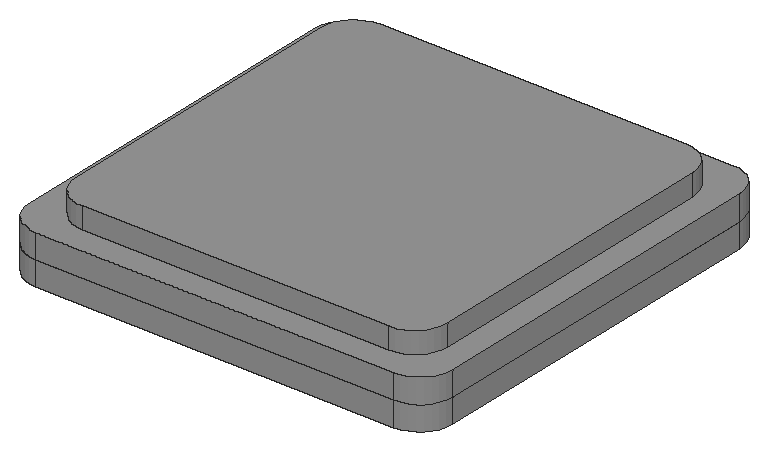
Revit family "FMS2_63_UN_Surface-mounted_ETK", category Lighting Fixtures, Revit 2019 (continued)
Definition of nested family "FMS.2 - Lightsource"
  Types (14, lengths in mm): name | Wattage Comments | Wattage | built-in parameter 1150134 | Photometric Web File | built-in parameter 1150142 | built-in parameter 1150105 | Lumens | built-in parameter 1150107 | built-in parameter 1150106 | Apparent Load
      81.666\t981.0936\t980.235\t979.6626\r\n978.804\t977.9454\t977.0868\t975.6558\t974.511\t973.3662\t972.5076\t971.3628\t969.9318\t968.787\r\n967.6422\t965.925\t964.2078\t962.7768\t961.632\t960.4872\t959.0562\t957.339\t955.6218\t952.7598\r\n949.6116\t946.7496\t943.6014\t940.4532\t937.5912\t934.1568\t931.0086\t927.8604\t924.1398\t920.7054\r\n917.271\t913.8366\t910.6884\t907.254\t903.5334\t899.8128\t896.0922\t892.6578\t889.2234\t885.5028\r\n881.7822\t878.0616\t874.341\t870.6204\t866.6136\t862.3206\t857.169\t852.3036\t847.152\t842.0004\r\n836.5626\t831.411\t826.2594\t821.394\t816.2424\t811.0908\t805.9392\t800.7876\t795.3498\t789.6258\r\n784.188\t779.0364\t773.8848\t768.7332\t763.5816\t758.43\t753.2784\t747.8406\t742.1166\t735.8202\r\n728.9514\t722.3688\t716.0724\t709.4898\t703.1934\t696.897\t690.6006\t684.018\t677.1492\t670.5666\r\n663.984\t657.4014\t650.8188\t644.2362\t637.9398\t631.3572\t625.0608\t618.7644\t612.1818\t605.313\r\n598.4442\t591.003\t583.5618\t576.1206\t568.6794\t561.5244\t554.0832\t546.642\t539.2008\t532.0458\r\n524.6046\t517.4496\t510.2946\t502.8534\t495.6984\t488.2572\t481.1022\t473.9472\t466.7922\t459.0648\r\n451.0512\t443.0376\t435.3102\t427.2966\t419.5692\t411.5556\t403.8282\t395.8146\t388.0872\t380.3598\r\n372.3462\t364.6188\t356.8914\t349.164\t341.4366\t333.7092\t325.9818\t318.2544\t310.527\t302.5134\r\n294.786\t287.0586\t279.3884\t271.6897\t264.0195\t256.378\t248.765\t241.1807\t233.6251\t226.0694\r\n218.5709\t211.0725\t204.0034\t197.0201\t190.0368\t183.0821\t176.1561\t169.2587\t162.3613\t155.4638\r\n148.5664\t141.7262\t134.8574\t128.0459\t121.2343\t114.4514\t105.8368\t90.5251\t75.242\t59.9303\r\n44.6472\t29.3641\t14.0667\t0\t0\t0\t0\t0\t0\t0\r\n0\r\n985.6728\t985.1004\t984.528\t983.9556\t983.097\t982.2384\t981.666\t980.8074\t980.235\t979.3764\r\n978.5178\t977.9454\t977.0868\t975.942\t974.7972\t973.6524\t972.5076\t971.3628\t970.218\t969.0732\r\n967.9284\t966.7836\t965.6388\t963.9216\t962.4906\t960.7734\t959.6286\t957.0528\t954.477\t951.615\r\n948.753\t945.6048\t942.7428\t939.5946\t936.7326\t933.5844\t930.4362\t927.288\t924.1398\t920.9916\r\n917.8434\t914.6952\t911.2608\t907.8264\t904.392\t900.9576\t897.8094\t894.375\t890.6544\t886.9338\r\n883.2132\t879.2064\t874.9134\t870.3342\t865.755\t860.8896\t856.0242\t851.1588\t846.2934\t841.428\r\n836.2764\t831.411\t826.5456\t821.394\t816.2424\t811.377\t806.2254\t801.36\t796.2084\t791.343\r\n786.4776\t781.6122\t776.7468\t771.5952\t766.4436\t759.861\t753.5646\t747.2682\t740.9718\t734.6754\r\n728.379\t722.3688\t716.0724\t709.776\t703.4796\t697.1832\t690.8868\t684.3042\t677.7216\t671.4252\r\n665.1288\t658.8324\t652.536\t646.2396\t639.9432\t633.6468\t626.4918\t619.3368\t612.1818\t605.0268\r\n597.8718\t590.4306\t583.2756\t576.1206\t568.9656\t562.0968\t554.9418\t547.7868\t540.6318\t533.4768\r\n526.3218\t519.1668\t512.0118\t504.8568\t497.988\t490.5468\t482.5332\t474.8058\t467.0784\t459.351\r\n451.6236\t443.8962\t436.1688\t428.1552\t420.4278\t412.7004\t404.973\t397.2456\t389.5182\t381.7908\r\n374.0634\t366.6222\t358.8948\t351.1674\t343.1538\t335.4264\t327.699\t319.9716\t312.2442\t304.2306\r\n296.5032\t288.7758\t281.077\t273.4069\t265.7367\t258.0952\t250.4822\t242.8979\t235.285\t227.7866\r\n220.603\t213.448\t206.3216\t199.1952\t192.0974\t184.9997\t177.9305\t170.89\t163.8209\t156.7804\r\n149.7398\t142.7279\t135.716\t128.7328\t121.7495\t111.5894\t96.3635\t81.1377\t65.9119\t50.686\r\n35.4602\t20.2544\t5.0428\t0\t0\t0\t0\t0\t0\t0\r\n0\r\n985.6728\t985.1004\t984.2418\t983.6694\t983.097\t982.2384\t981.3798\t980.8074\t979.9488\t979.3764\r\n978.5178\t977.6592\t976.8006\t975.942\t975.0834\t974.2248\t973.08\t971.9352\t970.7904\t969.6456\r\n968.5008\t967.356\t966.2112\t965.0664\t963.9216\t961.632\t958.77\t955.908\t953.046\t950.184\r\n947.6082\t945.0324\t942.1704\t939.3084\t936.4464\t933.2982\t930.4362\t927.288\t924.426\t921.2778\r\n918.1296\t914.9814\t911.8332\t908.685\t905.5368\t902.3886\t899.2404\t896.0922\t892.6578\t888.0786\r\n883.4994\t878.9202\t874.341\t869.4756\t864.8964\t860.031\t855.1656\t850.3002\t845.721\t841.1418\r\n836.2764\t831.6972\t826.8318\t822.2526\t817.3872\t812.808\t807.9426\t803.0772\t798.2118\t793.3464\r\n788.481\t782.757\t776.4606\t770.4504\t764.4402\t758.43\t752.4198\t746.4096\t740.3994\t734.3892\r\n728.379\t722.3688\t716.3586\t710.0622\t703.7658\t697.7556\t691.4592\t685.449\t679.1526\t673.1424\r\n667.1322\t661.122\t654.2532\t647.3844\t640.5156\t633.6468\t626.4918\t619.3368\t612.468\t605.313\r\n598.4442\t591.2892\t584.1342\t577.2654\t570.1104\t563.2416\t556.0866\t549.2178\t542.349\t535.194\r\n528.3252\t521.4564\t513.729\t505.7154\t497.988\t490.2606\t482.8194\t475.092\t467.3646\t459.9234\r\n452.196\t444.7548\t437.0274\t429.5862\t421.8588\t414.1314\t406.6902\t398.9628\t391.5216\t384.0804\r\n376.0668\t368.3394\t360.3258\t352.5984\t344.5848\t336.8574\t328.8438\t321.1164\t313.389\t305.6616\r\n297.9342\t290.2068\t282.508\t274.8092\t267.1105\t259.4117\t251.7415\t244.1572\t236.8877\t229.6183\r\n222.3774\t215.1365\t207.9243\t200.7121\t193.4998\t186.3162\t179.1326\t171.9776\t164.8226\t157.6962\r\n150.5698\t143.4434\t136.3171\t129.2193\t118.5727\t103.3468\t88.1496\t72.9524\t57.7552\t42.5579\r\n27.375\t12.1807\t0\t0\t0\t0\t0\t0\t0\t0\r\n0\r\n985.6728\t985.1004\t984.2418\t983.6694\t983.097\t982.2384\t981.3798\t980.8074\t979.9488\t979.0902\r\n978.5178\t977.6592\t976.8006\t975.942\t975.0834\t974.2248\t973.3662\t972.5076\t971.3628\t970.5042\r\n969.3594\t968.2146\t967.0698\t965.925\t963.063\t960.4872\t957.9114\t955.3356\t952.7598\t949.8978\r\n947.0358\t944.46\t941.598\t938.736\t936.1602\t933.2982\t930.4362\t927.5742\t924.7122\t921.8502\r\n918.9882\t916.1262\t912.978\t910.116\t906.9678\t903.8196\t900.099\t895.806\t891.2268\t886.6476\r\n882.3546\t878.0616\t873.4824\t869.1894\t864.8964\t860.031\t855.4518\t850.8726\t846.2934\t841.7142\r\n837.135\t832.5558\t827.9766\t823.3974\t818.8182\t814.239\t809.6598\t805.0806\t799.3566\t793.3464\r\n787.3362\t781.6122\t775.602\t769.878\t763.8678\t758.1438\t752.4198\t746.4096\t740.3994\t734.6754\r\n728.6652\t722.9412\t716.931\t710.9208\t705.1968\t699.1866\t693.1764\t687.4524\t681.4422\t674.5734\r\n667.7046\t660.8358\t653.967\t647.0982\t640.2294\t633.3606\t626.4918\t619.623\t612.7542\t605.8854\r\n598.7304\t591.8616\t584.9928\t578.124\t571.2552\t564.3864\t557.5176\t550.6488\t543.78\t536.3388\r\n528.8976\t521.1702\t513.729\t506.0016\t498.5604\t491.1192\t483.3918\t475.9506\t468.2232\t460.782\r\n453.3408\t445.6134\t438.1722\t430.4448\t423.0036\t415.5624\t407.835\t400.3938\t392.3802\t384.6528\r\n376.9254\t368.9118\t361.1844\t353.457\t345.7296\t338.0022\t330.2748\t322.5474\t314.82\t307.0926\r\n299.3652\t291.3516\t283.7387\t275.9827\t268.2266\t260.4992\t253.1153\t245.7599\t238.4046\t231.0779\r\n223.7512\t216.4531\t209.155\t201.8855\t194.6446\t187.3751\t180.1343\t172.8648\t165.6239\t158.3831\r\n151.1422\t143.93\t136.6891\t126.5576\t111.3604\t96.1632\t80.966\t65.7974\t50.6002\t35.4316\r\n20.2487\t5.0715\t0\t0\t0\t0\t0\t0\t0\t0\r\n0\r\n985.6728\t985.1004\t984.2418\t983.6694\t982.8108\t982.2384\t981.3798\t980.8074\t979.9488\t979.0902\r\n978.2316\t977.6592\t976.8006\t975.942\t975.0834\t974.511\t973.6524\t972.7938\t971.9352\t971.0766\r\n969.9318\t969.0732\t968.2146\t965.6388\t963.063\t960.201\t957.6252\t955.0494\t952.1874\t949.6116\r\n947.0358\t944.46\t941.598\t939.0222\t936.1602\t933.5844\t930.7224\t928.1466\t925.2846\t922.7088\r\n919.8468\t916.9848\t913.8366\t910.9746\t907.8264\t903.5334\t899.2404\t894.9474\t890.9406\t886.6476\r\n882.0684\t877.7754\t873.1962\t868.9032\t864.324\t860.031\t855.4518\t851.1588\t846.5796\t842.2866\r\n837.9936\t833.7006\t829.4076\t825.1146\t820.8216\t816.2424\t810.2322\t804.5082\t798.498\t792.774\r\n786.7638\t781.326\t775.602\t769.878\t764.154\t758.7162\t752.9922\t747.2682\t741.258\t735.534\r\n729.81\t723.7998\t718.0758\t712.3518\t706.3416\t700.6176\t694.3212\t687.4524\t680.8698\t674.001\r\n667.1322\t660.2634\t653.6808\t646.812\t640.2294\t633.3606\t626.778\t620.1954\t613.3266\t606.744\r\n599.8752\t593.2926\t586.71\t579.8412\t573.2586\t566.3898\t559.2348\t551.7936\t544.3524\t536.9112\r\n529.1838\t521.7426\t514.3014\t506.574\t499.1328\t491.6916\t484.2504\t476.523\t469.0818\t461.6406\r\n454.1994\t446.472\t439.0308\t431.5896\t424.1484\t416.7072\t408.6936\t400.9662\t393.2388\t385.2252\r\n377.4978\t369.7704\t362.043\t354.3156\t346.302\t338.5746\t330.8472\t323.1198\t315.3924\t307.665\r\n299.9376\t292.2102\t284.6259\t276.9271\t269.4001\t262.0161\t254.6608\t247.2768\t239.9215\t232.5375\r\n225.1535\t217.7982\t210.4429\t203.0875\t195.7322\t188.3768\t181.0501\t173.6948\t166.3681\t159.0413\r\n151.7146\t144.3879\t135.8019\t120.6047\t105.3788\t90.1816\t74.9844\t59.7872\t44.59\t29.3641\r\n14.1783\t0\t0\t0\t0\t0\t0\t0\t0\t0\r\n0\r\n985.6728\t985.1004\t984.2418\t983.6694\t982.8108\t982.2384\t981.3798\t980.8074\t979.9488\t979.0902\r\n978.5178\t977.6592\t976.8006\t976.2282\t975.3696\t974.511\t973.6524\t972.7938\t972.2214\t971.3628\r\n970.5042\t969.6456\t967.6422\t965.0664\t962.4906\t959.9148\t957.339\t954.7632\t952.1874\t949.6116\r\n947.0358\t944.46\t941.8842\t939.3084\t936.7326\t934.1568\t931.2948\t928.719\t925.857\t923.2812\r\n920.4192\t917.5572\t914.9814\t911.2608\t907.254\t902.961\t898.9542\t894.9474\t890.6544\t886.3614\r\n882.0684\t877.4892\t873.1962\t868.9032\t864.6102\t860.3172\t856.0242\t851.7312\t847.4382\t843.1452\r\n838.8522\t834.5592\t830.2662\t825.9732\t820.5354\t814.8114\t809.3736\t803.6496\t797.9256\t792.4878\r\n786.7638\t781.326\t775.602\t769.878\t764.4402\t758.7162\t753.2784\t747.5544\t741.8304\t736.3926\r\n730.6686\t724.9446\t719.2206\t713.4966\t707.4864\t700.6176\t694.035\t687.1662\t680.5836\t673.7148\r\n667.1322\t660.5496\t653.967\t647.3844\t640.8018\t634.2192\t627.6366\t621.054\t614.4714\t607.8888\r\n601.3062\t594.4374\t587.8548\t580.986\t574.1172\t566.676\t558.9486\t551.5074\t544.0662\t536.625\r\n529.47\t522.0288\t514.5876\t507.1464\t499.7052\t492.264\t484.8228\t477.3816\t469.9404\t462.4992\r\n455.058\t447.6168\t440.4618\t433.0206\t425.2932\t417.5658\t409.5522\t401.8248\t394.0974\t386.37\r\n378.6426\t370.9152\t362.9016\t355.1742\t347.4468\t339.7194\t331.992\t324.2646\t316.5372\t308.8098\r\n301.0824\t293.355\t285.5704\t278.0719\t270.6307\t263.1895\t255.7483\t248.3071\t240.8659\t233.4533\r\n226.0408\t218.6282\t211.2156\t203.803\t196.4191\t189.0065\t181.6225\t174.2386\t166.8546\t159.4993\r\n152.1153\t144.76\t130.9651\t115.7393\t100.5134\t85.2876\t70.0618\t54.8359\t39.6101\t24.3699\r\n9.1412\t0\t0\t0\t0\t0\t0\t0\t0\t0\r\n0\r\n985.6728\t985.1004\t984.2418\t983.6694\t982.8108\t982.2384\t981.3798\t980.8074\t979.9488\t979.3764\r\n978.5178\t977.6592\t977.0868\t976.2282\t975.3696\t974.7972\t973.9386\t973.3662\t972.5076\t971.649\r\n970.7904\t969.6456\t967.0698\t964.494\t961.9182\t959.3424\t957.0528\t954.477\t951.9012\t949.3254\r\n947.0358\t944.46\t941.8842\t939.3084\t936.7326\t934.1568\t931.581\t929.0052\t926.4294\t924.1398\r\n921.564\t918.9882\t915.2676\t910.9746\t906.9678\t902.961\t898.668\t894.6612\t890.3682\t886.0752\r\n881.7822\t877.7754\t873.4824\t869.1894\t864.8964\t860.8896\t856.5966\t852.5898\t848.2968\t844.29\r\n839.997\t835.9902\t831.411\t825.687\t820.2492\t814.8114\t809.0874\t803.6496\t797.9256\t792.4878\r\n786.7638\t781.326\t775.602\t770.1642\t764.7264\t759.0024\t753.5646\t747.8406\t742.4028\t736.6788\r\n731.241\t725.517\t720.0792\t713.2104\t706.6278\t700.3314\t693.7488\t687.1662\t680.5836\t674.001\r\n667.4184\t661.122\t654.5394\t647.9568\t641.3742\t634.7916\t628.209\t621.6264\t615.0438\t608.4612\r\n601.8786\t595.296\t588.7134\t581.2722\t573.831\t566.3898\t558.9486\t551.7936\t544.3524\t536.9112\r\n529.7562\t522.315\t514.8738\t507.7188\t500.2776\t493.1226\t485.6814\t478.2402\t471.0852\t463.644\r\n456.2028\t449.0478\t441.6066\t433.593\t425.8656\t418.1382\t410.4108\t402.6834\t394.6698\t386.9424\r\n379.215\t371.4876\t363.7602\t356.0328\t348.0192\t340.2918\t332.5644\t324.837\t317.1096\t309.3822\r\n301.6548\t293.9274\t286.2\t278.8447\t271.3748\t263.9336\t256.4924\t249.0512\t241.61\t234.1688\r\n226.7276\t219.2864\t211.8452\t204.404\t196.9915\t189.5503\t182.1091\t174.6679\t167.2267\t159.7855\r\n152.3729\t142.3273\t127.1014\t111.847\t96.5925\t81.3667\t66.1122\t50.8864\t35.6319\t20.4061\r\n5.1688\t0\t0\t0\t0\t0\t0\t0\t0\t0\r\n0\r\n985.6728\t985.1004\t984.2418\t983.3832\t982.8108\t981.9522\t981.3798\t980.5212\t979.9488\t979.3764\r\n978.5178\t977.9454\t977.0868\t976.5144\t975.6558\t975.0834\t974.2248\t973.6524\t972.7938\t971.9352\r\n971.3628\t969.3594\t966.7836\t964.494\t961.9182\t959.3424\t956.7666\t954.1908\t951.615\t949.3254\r\n946.7496\t944.1738\t941.598\t939.0222\t936.7326\t934.1568\t931.581\t929.0052\t926.4294\t924.1398\r\n921.564\t918.4158\t914.409\t910.116\t906.1092\t902.1024\t897.8094\t893.8026\t889.7958\t885.5028\r\n881.496\t877.203\t873.1962\t869.1894\t864.8964\t860.8896\t856.5966\t852.5898\t848.2968\t844.29\r\n839.997\t835.704\t830.2662\t824.8284\t819.3906\t813.9528\t808.515\t803.0772\t797.6394\t792.2016\r\n786.4776\t781.0398\t775.602\t770.1642\t764.7264\t759.0024\t753.5646\t748.1268\t742.689\t736.965\r\n731.5272\t725.8032\t719.5068\t712.9242\t706.3416\t699.759\t693.4626\t686.88\t680.2974\t673.7148\r\n667.1322\t660.5496\t654.2532\t647.6706\t641.088\t634.5054\t627.9228\t621.6264\t615.0438\t608.4612\r\n601.8786\t595.296\t587.8548\t580.6998\t573.2586\t566.1036\t558.6624\t551.5074\t544.0662\t536.9112\r\n529.47\t522.315\t514.8738\t507.7188\t500.2776\t493.1226\t485.6814\t478.5264\t471.0852\t463.9302\r\n456.489\t449.0478\t441.3204\t433.593\t425.8656\t418.1382\t410.1246\t402.3972\t394.6698\t386.9424\r\n379.215\t371.4876\t363.7602\t356.0328\t348.3054\t340.578\t332.8506\t325.1232\t317.3958\t309.6684\r\n301.941\t294.2136\t286.7724\t279.274\t271.8041\t264.3343\t256.8645\t249.4233\t241.9535\t234.4837\r\n227.0425\t219.5726\t212.1028\t204.6616\t197.1918\t189.7506\t182.2808\t174.8396\t167.3698\t159.9286\r\n152.4587\t139.5511\t124.2967\t109.0422\t93.7877\t78.5619\t63.3074\t48.053\t32.7985\t17.5555\r\n2.3053\t0\t0\t0\t0\t0\t0\t0\t0\t0\r\n0\r\n985.6728\t985.1004\t984.2418\t983.3832\t982.8108\t981.9522\t981.3798\t980.5212\t979.9488\t979.0902\r\n978.5178\t977.6592\t977.0868\t976.2282\t975.6558\t975.0834\t974.2248\t973.6524\t972.7938\t972.2214\r\n971.649\t969.3594\t966.7836\t964.2078\t961.9182\t959.3424\t956.7666\t954.1908\t951.9012\t949.3254\r\n946.7496\t944.1738\t941.8842\t939.3084\t936.7326\t934.1568\t931.8672\t929.2914\t926.7156\t924.426\r\n921.8502\t917.8434\t913.8366\t909.8298\t905.823\t901.53\t897.5232\t893.5164\t889.2234\t885.2166\r\n881.2098\t877.203\t872.91\t868.9032\t864.8964\t860.8896\t856.5966\t852.5898\t848.583\t844.5762\r\n840.2832\t835.1316\t829.6938\t824.256\t819.1044\t813.6666\t808.2288\t802.791\t797.3532\t791.9154\r\n786.4776\t781.0398\t775.602\t770.1642\t764.7264\t759.2886\t753.8508\t748.413\t742.9752\t737.5374\r\n732.0996\t725.8032\t719.2206\t712.9242\t706.3416\t699.759\t693.4626\t686.88\t680.2974\t674.001\r\n667.4184\t661.122\t654.5394\t647.9568\t641.6604\t635.0778\t628.4952\t622.1988\t615.6162\t609.0336\r\n602.7372\t595.5822\t588.141\t580.986\t573.5448\t566.3898\t559.2348\t551.7936\t544.6386\t537.1974\r\n530.0424\t522.6012\t515.4462\t508.005\t500.85\t493.4088\t486.2538\t478.8126\t471.6576\t464.2164\r\n457.0614\t449.334\t441.6066\t433.8792\t426.1518\t418.4244\t410.697\t402.9696\t394.956\t387.2286\r\n379.5012\t371.7738\t364.0464\t356.319\t348.5916\t340.8642\t333.1368\t325.4094\t317.682\t309.6684\r\n301.941\t294.4998\t287.0586\t279.5888\t272.119\t264.6205\t257.1507\t249.6809\t242.2111\t234.7412\r\n227.2428\t219.773\t212.3032\t204.8333\t197.3635\t189.8651\t182.3953\t174.9254\t167.4556\t159.9858\r\n152.4874\t137.8339\t122.5795\t107.325\t92.0705\t76.8161\t61.5902\t46.3358\t31.0813\t15.8269\r\n0.5776\t0\t0\t0\t0\t0\t0\t0\t0\t0\r\n0\r\n985.6728\t985.1004\t984.2418\t983.6694\t982.8108\t981.9522\t981.3798\t980.5212\t979.9488\t979.0902\r\n978.5178\t977.6592\t976.8006\t976.2282\t975.3696\t974.7972\t973.9386\t973.3662\t972.5076\t971.9352\r\n971.0766\t968.5008\t966.2112\t963.6354\t961.3458\t958.77\t956.4804\t953.9046\t951.615\t949.0392\r\n946.7496\t944.1738\t941.8842\t939.3084\t937.0188\t934.443\t932.1534\t929.5776\t927.288\t924.7122\r\n922.4226\t918.1296\t914.1228\t910.116\t905.823\t901.8162\t897.8094\t893.5164\t889.5096\t885.2166\r\n881.2098\t877.203\t872.91\t868.9032\t864.8964\t860.6034\t856.5966\t852.5898\t848.2968\t844.29\r\n839.997\t834.8454\t829.4076\t823.9698\t818.532\t813.0942\t807.9426\t802.5048\t797.067\t791.6292\r\n786.1914\t780.7536\t775.602\t770.1642\t764.7264\t759.2886\t753.8508\t748.6992\t743.2614\t737.8236\r\n732.3858\t726.0894\t719.5068\t712.9242\t706.6278\t700.0452\t693.4626\t687.1662\t680.5836\t674.001\r\n667.7046\t661.122\t654.5394\t648.243\t641.6604\t635.0778\t628.7814\t622.1988\t615.6162\t609.3198\r\n602.7372\t595.5822\t588.141\t580.986\t573.5448\t566.3898\t558.9486\t551.7936\t544.3524\t537.1974\r\n529.7562\t522.6012\t515.16\t508.005\t500.5638\t493.4088\t485.9676\t478.8126\t471.3714\t464.2164\r\n456.7752\t449.0478\t441.3204\t433.593\t425.8656\t418.1382\t410.4108\t402.6834\t394.956\t387.2286\r\n379.215\t371.4876\t363.7602\t356.0328\t348.3054\t340.578\t332.8506\t325.1232\t317.3958\t309.6684\r\n301.941\t294.4998\t287.0586\t279.4743\t272.0045\t264.5347\t257.0648\t249.595\t242.1252\t234.6554\r\n227.1856\t219.7157\t212.2459\t204.7761\t197.3063\t189.8365\t182.3666\t174.8968\t167.427\t159.9572\r\n152.4874\t137.2329\t121.9784\t106.7526\t91.4981\t76.2437\t60.9892\t45.7348\t30.5089\t15.2487\r\n0\t0\t0\t0\t0\t0\t0\t0\t0\t0\r\n0\r\n985.6728\t985.1004\t984.2418\t983.3832\t982.8108\t981.9522\t981.0936\t980.5212\t979.6626\t979.0902\r\n978.2316\t977.6592\t976.8006\t976.2282\t975.3696\t974.7972\t973.9386\t973.3662\t972.5076\t971.9352\r\n971.3628\t968.787\t966.4974\t963.9216\t961.3458\t959.0562\t956.4804\t953.9046\t951.3288\t949.0392\r\n946.4634\t943.8876\t941.598\t939.0222\t936.7326\t934.1568\t931.581\t929.2914\t926.7156\t924.426\r\n922.1364\t918.1296\t914.1228\t910.116\t905.823\t901.8162\t897.8094\t893.5164\t889.5096\t885.2166\r\n881.2098\t877.203\t872.91\t868.9032\t864.6102\t860.6034\t856.3104\t852.3036\t848.0106\t844.0038\r\n839.7108\t834.5592\t829.1214\t823.6836\t818.2458\t812.808\t807.6564\t802.2186\t796.7808\t791.343\r\n785.9052\t78
